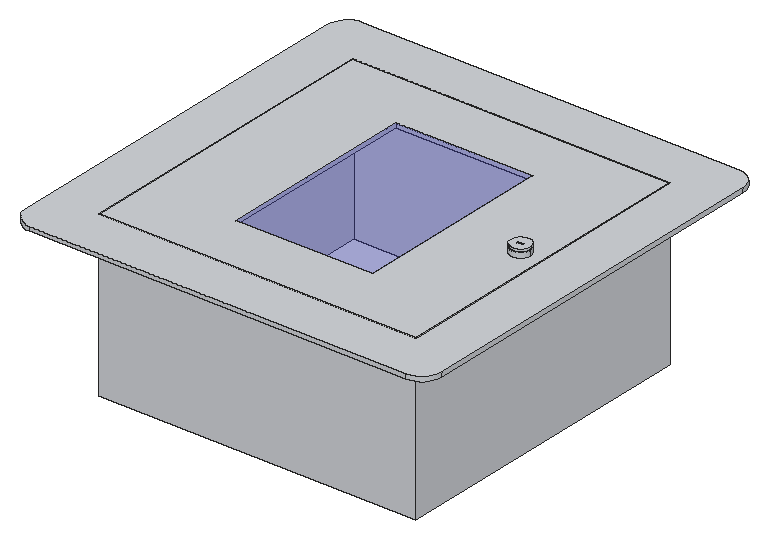
Revit family "MI-VB-SM", category Generic Models, host Face, Revit 2026
Family settings
  Host = Face
  Can host rebar = No
  Round Connector Dimension = Use Diameter
  Part Type = Normal
  Cut with Voids When Loaded = No
  Maintain Annotation Orientation = No
  Shared = No
  Room Calculation Point = No
Parameters (values of type "8” x 8” x 4”")
  Width = 0' - 8"
  URL = "WWW.MIFAB.COM"
  Model = "MI-VB-SM"
  Material = none
  Manufacturer = "MIFAB"
  Height = 0' - 8"
  Description = "VALVE BOX"
  Depth = 0' - 4"
  Default Elevation = 4' - 0"
Types (13): name | Width | Height | Depth
  (no name) | 0' - 8" | 0' - 8" | 0' - 4"
  8” x 8” x 4” | 0' - 8" | 0' - 8" | 0' - 4"
  8” x 8” x 6” | 0' - 8" | 0' - 8" | 0' - 6"
  8” x 8” x 8” | 0' - 8" | 0' - 8" | 0' - 8"
  12” x 12” x 4” | 1' - 0" | 1' - 0" | 0' - 4"
  12” x 12” x 6” | 1' - 0" | 1' - 0" | 0' - 6"
  12” x 12” x 8” | 1' - 0" | 1' - 0" | 0' - 8"
  14” x 14” x 4” | 1' - 2" | 1' - 2" | 0' - 4"
  14” x 14” x 6” | 1' - 2" | 1' - 2" | 0' - 6"
  14” x 14” x 8” | 1' - 2" | 1' - 2" | 0' - 8"
  16” x 16” x 4” | 1' - 4" | 1' - 4" | 0' - 4"
  16” x 16” x 6” | 1' - 4" | 1' - 4" | 0' - 6"
  16” x 16” x 8” | 1' - 4" | 1' - 4" | 0' - 8"
Reference planes (in)
  plane 1 "Center (Front/Back)": y = 0
  plane 2: z = 0
  plane 3 "Center (Left/Right)": x = 0
  plane 4: x = -4
  plane 5: x = 4
  plane 6: y = 4
  plane 7: y = -4
  plane 8 "1": x = 3.4375
  plane 9: x = 5.25
  plane 10: x = -5.25
  plane 11: y = 5.25
  plane 12: y = -5.25
  plane 13: z = 0.31435
  plane 14 "2": z = -4
  plane 15: z = 0.10937
  plane 16 "3": z = -3.88572
  plane 17: x = -1.72647
  plane 18: x = 1.72647
  plane 19: y = 2.52058
  plane 20: y = -2.52058
Forms (in)
  Extrusion 1, void
    sketch origin (0, 0, 0) x (1, 0, 0) y (0, 1, 0)
      loop
        line (-4.11811, 4.11811) -> (-4.11811, -4.11811) -> (4.11811, -4.11811) -> (4.11811, 4.11811) -> (-4.11811, 4.11811)
    from -4 to 0
  Sweep 2, solid, material <- "Material"
    path origin (0, 0, 0.07812) x (1, 0, 0) y (0, 1, 0)
      loop
        line (4, 4) -> (-4, 4) -> (-4, -4) -> (4, -4) -> (4, 4)
    profile origin (4, 0, 0.07812) x (1, 0, 0) y (0, 0, 1)
      loop
        line (-0.11648, -4.07812) -> (0, -4.07812) -> (0, 0.03125) -> (-0.11648, 0.03125) -> (-0.11648, -4.07812)
  Sweep 3, solid, material <- "Material"
    path origin (0, 0, 0.07812) x (1, 0, 0) y (0, 1, 0)
      loop
        line (4, 4) -> (-4, 4) -> (-4, -4) -> (4, -4) -> (4, 4)
    profile origin (4, 0, 0.07812) x (1, 0, 0) y (0, 0, 1)
      loop
        line (-0.37646, -0.07813) -> (-0.37646, -0.12527) -> (-0.16431, -0.12527) -> (-0.16431, -0.31211) -> (-0.11648, -0.31211) -> (-0.11648, -0.07813) -> (-0.37646, -0.07813)
  Extrusion 4, solid, material <- "Material"
    sketch origin (0, 0, 0.07812) x (1, 0, 0) y (0, 1, 0)
      loop
        line (-3.88352, 3.88352) -> (-3.88352, -3.88352) -> (3.88352, -3.88352) -> (3.88352, 3.88352) -> (-3.88352, 3.88352)
      loop
        line (1.72647, 2.52058) -> (-1.72647, 2.52058) -> (-1.72647, -2.52058) -> (1.72647, -2.52058) -> (1.72647, 2.52058)
    from -0.07813 to 0.03125
  Extrusion 5, solid
    sketch origin (0, 0, 0) x (1, 0, 0) y (0, 1, 0)
      loop
        line (-4, 4) -> (-4, -4) -> (4, -4) -> (4, 4) -> (-4, 4)
      loop
        arc (-4.75, 5.25) -> (-5.10355, 5.10355) -> (-5.25, 4.75) r 0.5
        line (-5.25, 4.75) -> (-5.25, -4.75)
        arc (-5.25, -4.75) -> (-5.10355, -5.10355) -> (-4.75, -5.25) r 0.5
        line (-4.75, -5.25) -> (4.75, -5.25)
        arc (4.75, -5.25) -> (5.10355, -5.10355) -> (5.25, -4.75) r 0.5
        line (5.25, -4.75) -> (5.25, 4.75)
        arc (5.25, 4.75) -> (5.10355, 5.10355) -> (4.75, 5.25) r 0.5
        line (4.75, 5.25) -> (-4.75, 5.25)
    from 0 to 0.10937
  Extrusion 6, solid, material <- "Material"
    sketch origin (0, 0, 0) x (1, 0, 0) y (0, 1, 0)
      loop
        line (-4, 4) -> (-4, -4) -> (4, -4) -> (4, 4) -> (-4, 4)
    from -4 to -3.88572
  Extrusion 7, solid, material "Glass"
    sketch origin (0, 0, 0) x (1, 0, 0) y (0, 1, 0)
      loop
        line (-1.72647, 2.52058) -> (-1.72647, -2.52058) -> (1.72647, -2.52058) -> (1.72647, 2.52058) -> (-1.72647, 2.52058)
    from 0 to 0.10937
Cuts and joins
  joined: Sweep 2, Extrusion 4, Extrusion 6
Dimensions and locks (in)
  equal spacing: plane 7, plane 1 "Center (Front/Back)", plane 6
  "Height": plane 7 to plane 6
  equal spacing: plane 4, plane 3 "Center (Left/Right)", plane 5
  "Width": plane 4 to plane 5
  locked: plane 8 "1" to plane 5 at 0.5625
  locked: plane 5 to plane 9 at 1.25
  locked: plane 10 to plane 4 at 1.25
  locked: plane 12 to plane 7 at 1.25
  locked: plane 11 to plane 6 at 1.25
  locked: plane 13 to profile plane at 0.23622
  plane 2 to plane 14 "2" = 0' - 4"
  plane 9 to plane 5 = 0' - 1 1/4"
  locked: plane 16 "3" to plane 14 "2" at 0.11428
  "Depth": plane 2 to plane 14 "2"
  equal spacing: plane 20, plane 1 "Center (Front/Back)", plane 19
  equal spacing: plane 17, plane 3 "Center (Left/Right)", plane 18
  aligned and locked: plane 2 to host face
  aligned and locked: level to host face
  aligned and locked: plane 2 to Extrusion 1
  aligned and locked: Extrusion 1 to Sweep 2
  aligned and locked: plane 14 "2" to Sweep 2 sketch curve
  aligned and locked: nested 1 to plane 8 "1"
  aligned and locked: plane 15 to Sweep 2 sketch curve
  aligned and locked: Sweep 2 to Sweep 3 sketch curve
  aligned and locked: Sweep 3 sketch curve to host face
  aligned and locked: Extrusion 4 to Sweep 2  (x4)
  aligned and locked: Extrusion 5 sketch curve to cut or joined group of Sweep 2, Extrusion 4, Extrusion 6  (x4)
  aligned and locked: Extrusion 5 sketch curve to plane 11
  aligned and locked: Extrusion 5 sketch curve to plane 10
  aligned and locked: Extrusion 5 sketch curve to plane 12
  aligned and locked: Extrusion 5 sketch curve to plane 9
  aligned and locked: Extrusion 5 to level
  aligned and locked: plane 15 to Extrusion 5
  aligned and locked: Extrusion 6 sketch curve to cut or joined group of Sweep 2, Extrusion 4, Extrusion 6  (x4)
  aligned and locked: Extrusion 6 to plane 14 "2"
  aligned and locked: plane 16 "3" to Extrusion 6
  aligned and locked: plane 18 to Extrusion 4 sketch curve
  aligned and locked: Extrusion 4 sketch curve to plane 19
  aligned and locked: Extrusion 4 sketch curve to plane 17
  aligned and locked: plane 20 to Extrusion 4 sketch curve
  aligned and locked: Extrusion 7 sketch curve to plane 19
  aligned and locked: Extrusion 7 sketch curve to plane 17
  aligned and locked: plane 18 to Extrusion 7 sketch curve
  aligned and locked: plane 20 to Extrusion 7 sketch curve
  aligned and locked: Extrusion 7 to level
  aligned and locked: plane 15 to Extrusion 7
Automatic sketch dimensions
  host sketch curve to host sketch curve = 2' - 11.04211"
  host sketch curve to host sketch curve = 2' - 10.95233"
  Extrusion 1 sketch curve to plane 4 = 0' - 0.11811"
  Extrusion 1 sketch curve to plane 5 = 0' - 0.11811"
  plane 7 to Extrusion 1 sketch curve = 0' - 0.11811"
  plane 6 to Extrusion 1 sketch curve = 0' - 0.11811"
  Sweep 2 sketch curve to plane 4 = 0' - 0"
  Sweep 2 sketch curve to plane 5 = 0' - 0"
  plane 7 to Sweep 2 sketch curve = 0' - 0"
  Sweep 2 sketch curve to plane 6 = 0' - 0"
  profile plane to Sweep 2 sketch curve = 0' - 0"
  Sweep 2 sketch curve to Sweep 2 sketch curve = 0' - 0.11648"
  Sweep 3 sketch curve to plane 4 = 0' - 0"
  Sweep 3 sketch curve to plane 5 = 0' - 0"
  plane 7 to Sweep 3 sketch curve = 0' - 0"
  Sweep 3 sketch curve to plane 6 = 0' - 0"
  Sweep 3 sketch curve to Sweep 3 sketch curve = 0' - 0.04782"
  Sweep 3 sketch curve to Sweep 3 sketch curve = 0' - 0.21216"
  Sweep 3 sketch curve to Sweep 3 sketch curve = 0' - 0.04715"
  Sweep 3 sketch curve to Sweep 3 sketch curve = 0' - 0.18684"
  plane 4 to Extrusion 4 sketch curve = 0' - 0.11648"
  plane 5 to Extrusion 4 sketch curve = 0' - 0.11648"
  Extrusion 4 sketch curve to plane 7 = 0' - 0.11648"
  Extrusion 4 sketch curve to plane 6 = 0' - 0.11648"
  Extrusion 5 sketch curve to plane 4 = 0' - 0 3/4"
  Extrusion 5 sketch curve to plane 10 = 0' - 0 1/2"
  Extrusion 5 sketch curve to plane 9 = 0' - 0 1/2"  (x2)
Nested families (in)
  nested 1: "Handle" at (3.4375, 0, 0.10937), type "Handle"
Definition of nested family "Handle"
  Parameters (values of type "Handle")
    Material = none
    Default Elevation = 4' - 0"
  Reference planes (in)
    plane 1 "Center (Front/Back)": y = 0
    plane 2: z = 0
    plane 3 "Center (Left/Right)": x = 0
    plane 4: z = 0.46152
  Forms (in)
    Extrusion 1, solid
      sketch origin (0, 0, 0) x (1, 0, 0) y (0, 1, 0)
        loop
          line (-48, 48) -> (-48, -48) -> (48, -48) -> (48, 48) -> (-48, 48)
      from 0 to -12
    Revolve 2, solid
      sketch origin (0, 0, 0) x (1, 0, 0) y (0, 0, 1)
        loop
          line (0, 0) -> (0.25, 0) -> (0.25, 0.12907)
          arc (0.25, 0.12907) -> (0.24341, 0.14499) -> (0.22749, 0.15158) r 0.02251
          line (0.22749, 0.15158) -> (0, 0.15158) -> (0, 0)
        axis (0, 0) -> (0, 0.15158)
      angle from 0 to 360
    Extrusion 3, solid
      sketch origin (-3.78692, 0, -0.49918) x (1, 0, 0) y (0, 1, 0)
        loop
          circle (3.78692, 0) r 0.25
        loop
          line (3.70895, 0.01538) -> (3.70895, -0.01537) -> (3.86488, -0.01537) -> (3.86488, 0.01538) -> (3.70895, 0.01538)
      from 0.64964 to 0.6877
  Dimensions and locks (in)
    aligned and locked: plane 2 to Extrusion 1
    aligned and locked: level to Extrusion 1
